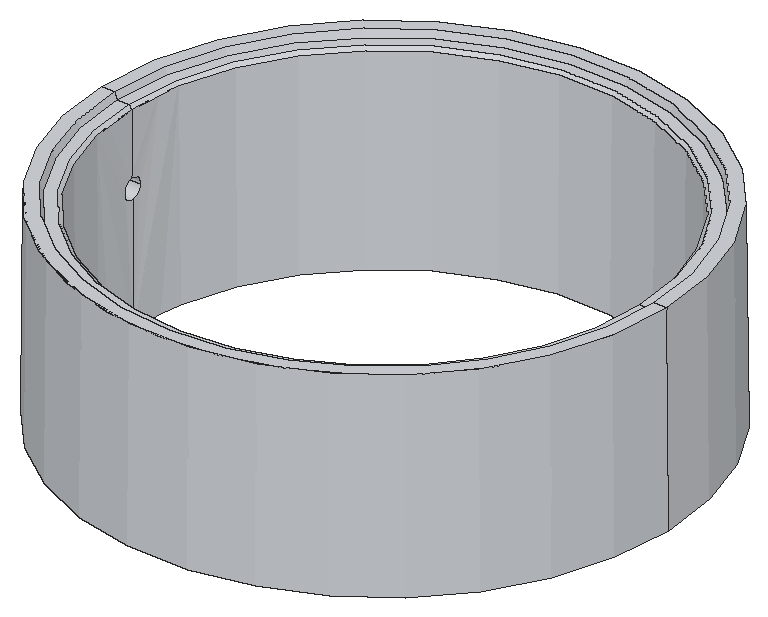
Revit family "Кольцо 1500х610 с замком КС 15.6", category Обобщенные модели, Revit 2023
Family settings
  Может служить основой для арматурных стержней = Нет
  Размер круглого соединителя = Использовать диаметр
  Тип детали = Нормальный
  На основе рабочей плоскости = Нет
  Всегда вертикально = Да
  При загрузке вырезать с полостями = Нет
  Сохранять ориентацию аннотаций = Нет
  Общий = Нет
  Точка принадлежности помещению = Нет
Parameters (values of type "Кольцо 1500х610 с замком КС 15.6")
  фаска = 10 mm
  толщ_на_h2_расч = (t1 - t2) / 2 * (h1 + h2) / ADSK_Размер_Высота + 10 mm  # 15.533 mm
  толщ_на_h1_расч = (t1 - t2) / 2 * h1 / ADSK_Размер_Высота + 10 mm  # 13.033 mm
  сужение_низ = 5 mm
  отступ_низ = 36 mm
  отступ_верх = 38.5 mm
  выступ = 20 mm
  вырез2 = no
  вырез1 = yes
  Отметка по умолчанию = 0 mm
  t2 = 90 mm
  t1 = 100 mm
  h2 = 305 mm
  h1 = 370 mm
  d1 = 20 mm * tan(20.00°)  # 7.279 mm
  ADSK_Размер_Диаметр = 1500 mm
  ADSK_Размер_Высота = 610 mm
  ADSK_Масса = 700
Reference planes
  plane 1 "По центру (Вперед/Назад)": y = 0
  plane 2: z = 0
  plane 3 "По центру (Влево/Вправо)": x = 0
  plane 4: x = 750
  plane 5: x = -750
  plane 6: y = 750
  plane 7: y = -750
  plane 8: z = 590
  plane 9: z = 610
  plane 10: z = 20
  plane 11: x = -845
  plane 12: x = 845
  plane 13: y = 845
  plane 14: y = -845
  plane 15: y = 840
  plane 16: y = -840
  plane 17: x = -840
  plane 18: x = 840
  plane 19: x = 786
  plane 20: x = 801.5
  plane 21: x = 794.221
  plane 22: x = 793.279
  plane 23: z = 580
  plane 24: x = 760
  plane 25: z = 370
  plane 26: z = 675
  plane 27: y = 745
  plane 28: y = -745
  plane 29: x = -745
  plane 30: x = 745
  plane 31: x = -829.467
  plane 32: x = -831.967
  plane 33: x = 829.467
  plane 34: x = 831.967
Forms (mm)
  Revolve 1, solid
    sketch origin (0, 0, 0) x (1, 0, 0) y (0, 0, 1)
      loop
        line (750, 580) -> (745, 0) -> (786, 0) -> (793.279, 20) -> (845, 20) -> (840, 610) -> (801.5, 610) -> (794.221, 590) -> (760, 590) -> (750, 580)
      axis (0, 0) -> (0, 610)
    angle from 0 to 360
  Extrusion 2, void
    sketch origin (0, 0, 0) x (0, -1, 0) y (0, 0, 1)
      loop
        circle (0, 370) r 30
    from -831.967 to 831.967
Cuts and joins
  Extrusion 2 cuts Revolve 1
Dimensions and locks
  equal spacing: plane 5, plane 3 "По центру (Влево/Вправо)", plane 4
  equal spacing: plane 7, plane 1 "По центру (Вперед/Назад)", plane 6
  "ADSK_Размер_Диаметр": plane 5 to plane 4
  "ADSK_Размер_Диаметр": plane 7 to plane 6
  "выступ": plane 9 to plane 8
  "выступ": plane 10 to level
  "t1": plane 11 to plane 29
  "t1": plane 30 to plane 12
  "t2": plane 6 to plane 15
  "t2": plane 16 to plane 7
  "t2": plane 17 to plane 5
  "t2": plane 4 to plane 18
  "отступ_низ": plane 19 to plane 4
  "отступ_верх": plane 18 to plane 20
  "d1": plane 20 to plane 21
  "d1": plane 22 to plane 19
  "фаска": plane 8 to plane 23
  "фаска": plane 24 to plane 4
  "h1": plane 25 to level
  "h2": plane 26 to plane 25
  "ADSK_Размер_Высота": plane 9 to level
  "сужение_низ": plane 5 to plane 29
  "сужение_низ": plane 30 to plane 4
  "сужение_низ": plane 27 to plane 6
  "сужение_низ": plane 7 to plane 28
  "t1": plane 14 to plane 28
  "t1": plane 27 to plane 13
  "толщ_на_h2_расч": plane 31 to plane 11
  "толщ_на_h1_расч": plane 32 to plane 11
  "толщ_на_h2_расч": plane 12 to plane 33
  "толщ_на_h1_расч": plane 12 to plane 34
  aligned and locked: level to plane 2
  aligned and locked: Revolve 1 sketch curve to plane 8
  aligned and locked: Revolve 1 sketch curve to plane 9
  aligned and locked: plane 10 to Revolve 1 sketch curve
  aligned and locked: Revolve 1 sketch curve to level
  aligned and locked: Extrusion 2 to plane 32
  aligned and locked: plane 34 to Extrusion 2
Automatic sketch dimensions
  Revolve 1 sketch curve to level = 0 mm
  Revolve 1 sketch curve to plane 3 "По центру (Влево/Вправо)" = 0 mm
  Revolve 1 sketch curve to plane 30 = 0 mm
  Revolve 1 sketch curve to plane 4 = 0 mm
  Revolve 1 sketch curve to plane 24 = 0 mm
  Revolve 1 sketch curve to plane 19 = 0 mm
  Revolve 1 sketch curve to plane 22 = 0 mm
  Revolve 1 sketch curve to plane 21 = 0 mm
  Revolve 1 sketch curve to plane 20 = 0 mm
  Revolve 1 sketch curve to plane 18 = 0 mm
  Revolve 1 sketch curve to plane 12 = 0 mm
  Revolve 1 sketch curve to plane 23 = 0 mm
  Revolve 1 sketch curve to plane 9 = 0 mm
  Extrusion 2 sketch curve to plane 1 "По центру (Вперед/Назад)" = 0 mm
  Extrusion 2 sketch curve to plane 25 = 0 mm
  radius of Extrusion 2 sketch curve = 30 mm
